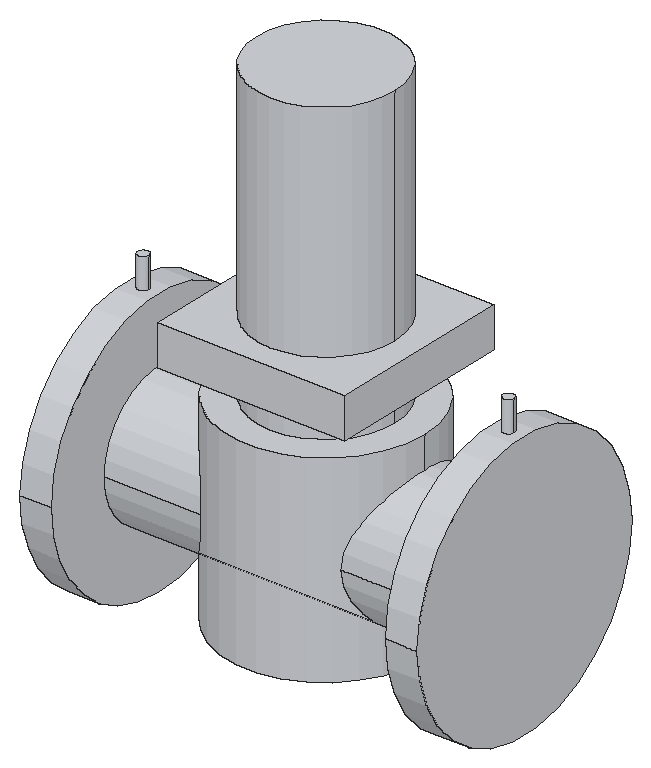
Revit family "PV_Compact_PN16_DN125_(90-350kPa)_RFA_2018", category Pipe Accessories, Revit 2018
Family settings
  Round Connector Dimension = Use Diameter
  Part Type = Valve - Breaks Into
  Work Plane-Based = No
  Always vertical = Yes
  Cut with Voids When Loaded = No
  Shared = No
Parameters (values of type "PV Compact PN16 DN125 (90-350kPa)")
  magiProductId = "b03890f2a0d24210acc7aed5971b3a"
  magiProductFamilyId = "702e6e0aa49e4742ba9b7167dc79b1"
  magiPartTypeId = 304
  isMeasuringValve [instance] = no
  ang2D [instance] = 0.00°
  W2D = 125 mm
  VersionID = "2.0/2018.12.13.2/FRESE_PV_COMPACT_BIG_Q13_001"
  Use Minimum Symbol Size [instance] = no
  URL = "www.hydronic.cz"
  Type Comments = "PŘÍRUBOVÝ; PN16; dpmax=1000kPa; -10~+120°C"
  R4 = 70 mm
  R3 = 70.2 mm
  R1 = 100 mm
  QmdConnectorList = "301;D;302;D"
  Productdata [instance] = ""
  Manufacturer = "Hydronic Systems Prague s.r.o."
  Maintenance Zone Under Depth [instance] = 100 mm
  Maintenance Zone Right Depth [instance] = 100 mm
  Maintenance Zone Over Depth [instance] = 100 mm
  Maintenance Zone Left Depth [instance] = 100 mm
  Maintenance Zone Front Depth [instance] = 100 mm
  Maintenance Zone Back Depth [instance] = 100 mm
  Maintenance Zone Front Visibility [instance] = no
  MC Use Limits From Balancing Method = no
  MC Throttling Minimum Value = 0
  MC Throttling Maximum Value = 0
  MC Product Code = "53-3313 DN125 PN16; nastavitelný rozsah dp=90~350kPa; Q=40,3~161 m3/h;  kvs=170"
  MC Pressure Drop Minimum Value = 0.0 Pa
  MC Pressure Drop Maximum Value = 0.0 Pa
  MC Piping Given Pressure Drop [instance] = 0.0 Pa
  LF__ve = -LF  # -32 mm
  LF2 = 16 mm
  LF = 32 mm
  L4 = 188 mm
  L3 = 336 mm
  L2D_Min = 30.48 mm
  L2D = 400 mm
  L2 = 200 mm
  H6 = 225.5 mm
  H4 = 40.5 mm
  H3 = 33.75 mm
  H2 = 101.25 mm
  H1 = 202.5 mm
  Description = "Nastavitelný regulátor tlakové diference"
  DF2 = 135 mm
  D = 125 mm
  Clearance Zone Height Depth [instance] = 100 mm
  Clearance Zone Circular Radius [instance] = 200 mm
  Clearance Zone Visibility [instance] = no
  CAT0 = yes
Types (3, lengths in mm): name | magiProductId | Type Comments | R4 | R3 | R1 | MC Product Code | LF__ve | LF2 | LF | L4 | L3 | L2 | H6 | H4 | H3 | H2 | H1 | DF2 | D | Clearance Zone Circular Radius
  PV Compact PN16 DN125 (90-350kPa) | "b03890f2a0d24210acc7aed5971b3a" | "PŘÍRUBOVÝ; PN16; dpmax=1000kPa; -10~+120°C" | 70 | 70.2 | 100 | "53-3313 DN125 PN16; nastavitelný rozsah dp=90~350kPa; Q=40,3~161 m3/h;  kvs=170" | -32 | 16 | 32 | 188 | 336 | 200 | 225.5 | 40.5 | 33.75 | 101.25 | 202.5 | 135 | 125 | 200
  PV Compact PN16 DN150 (90-350kPa) | "05be4e71780741e6bc35f05414b0ce" | "PŘÍRUBOVÝ; PN16; dpmax=1000kPa; -10~+120°C" | 84 | 74.1 | 120 | "53-3316 DN150 PN16; nastavitelný rozsah dp=90~350kPa; Q=59,3~237 m3/h;  kvs=250" | -38.4 | 19.2 | 38.4 | 225.6 | 403.2 | 240 | 256.25 | 42.75 | 35.625 | 106.875 | 213.75 | 142.5 | 150 | 240
  PV Compact PN16 DN200 (90-350kPa) | "d4da5ac8261147a98be9f2bfe38293" | "PŘÍRUBOVÝ; PN16; dpmax=1000kPa; -10~+110°C" | 105 | 98.8 | 150 | "53-3319 DN200 PN16; nastavitelný rozsah dp=90~350kPa; Q=65,2~261 m3/h;  kvs=275" | -48 | 24 | 48 | 282 | 504 | 300 | 150 | 57 | 47.5 | 142.5 | 285 | 190 | 200 | 300
Reference planes
  plane 1 "Center (Front/Back)": y = 0
  plane 2 "XYPLANE": z = 0
  plane 3 "Center (Left/Right)": x = 0
  plane 4 "257": y = -135
  plane 5 "256": y = 135
  plane 6 "255": z = -135
  plane 7 "254": y = -235
  plane 8 "253": y = 235
  plane 9 "252": x = -300
  plane 10 "251": x = 300
  plane 11 "250": z = 501
  plane 12 "249": z = -235
  plane 13 "248": z = 501
  plane 14 "247": z = 401
  plane 15 "157": x = 184
  plane 16 "156": x = -184
  plane 17 "155": z = 135
  plane 18 "154": z = 175.5
  plane 19 "153": z = 135
  plane 20 "152": z = 101.25
  plane 21 "151": x = -168
  plane 22 "150": z = -101.25
  plane 23 "149": x = 0
  plane 24 "148": y = 0
  plane 25 "147": z = 0
  plane 26 "146": x = -200
  plane 27 "145": x = 200
Forms (mm)
  Blend 1, solid, visible <- "Maintenance Zone Front Visibility"
    base sketch origin (-750, 0, -235) x (1, 0, 0) y (0, 1, 0)
      loop
        line (450, 235) -> (450, -235) -> (1050, -235) -> (1050, 235) -> (450, 235)
    top sketch origin (-750, 0, -235) x (1, 0, 0) y (0, 1, 0)
      loop
        line (450, 235) -> (450, -235) -> (1050, -235) -> (1050, 235) -> (450, 235)
    from 0 to 736
  Blend 2, solid, visible <- "Clearance Zone Visibility"
    base sketch origin (-750, 0, 0) x (1, 0, 0) y (0, 1, 0)
      loop
        circle (750, 0) r 200
    top sketch origin (-750, 0, 0) x (1, 0, 0) y (0, 1, 0)
      loop
        circle (750, 0) r 200
    from 0 to 501
  Extrusion 3, solid, visible <- "CAT0"
    sketch origin (-750, 0, 135) x (1, 0, 0) y (0, 1, 0)
      loop
        circle (934, 0) r 5.5
    from 0 to 30
  Extrusion 4, solid, visible <- "CAT0"
    sketch origin (-750, 0, 135) x (1, 0, 0) y (0, 1, 0)
      loop
        circle (566, 0) r 5.5
    from 0 to 30
  Extrusion 5, solid
    sketch origin (-750, 0, 175.5) x (1, 0, 0) y (0, 1, 0)
      loop
        circle (750, 0) r 70
    from 0 to 225.5 <- "H6"
  Extrusion 6, solid, visible <- "CAT0"
    sketch origin (-750, 0, 135) x (1, 0, 0) y (0, 1, 0)
      loop
        line (844, 94) -> (656, 94) -> (656, -94) -> (844, -94) -> (844, 94)
    from 0 to 40.5 <- "H4"
  Extrusion 7, solid, visible <- "CAT0"
    sketch origin (-750, 0, 101.25) x (1, 0, 0) y (0, 1, 0)
      loop
        circle (750, 0) r 70
    from 0 to 33.75 <- "H3"
  Extrusion 8, solid, visible <- "CAT0"
    sketch origin (-168, -750, 0) x (0, 1, 0) y (0, 0, 1)
      loop
        circle (750, 0) r 70.2
    from 0 to 336 <- "L3"
  Extrusion 9, solid, visible <- "CAT0"
    sketch origin (-750, 0, -101.25) x (1, 0, 0) y (0, 1, 0)
      loop
        circle (750, 0) r 100
    from 0 to 202.5 <- "H1"
  Extrusion 10, solid, visible <- "CAT0"
    sketch origin (-200, -750, 0) x (0, 1, 0) y (0, 0, 1)
      loop
        circle (750, 0) r 135
    from 0 to 32 <- "LF"
  Extrusion 11, solid, visible <- "CAT0"
    sketch origin (200, -750, 0) x (0, 1, 0) y (0, 0, 1)
      loop
        circle (750, 0) r 135
    from 0 to -32 <- "LF__ve"
  Extrusion 12, solid, not visible
    sketch origin (-200, -750, 0) x (0, 1, 0) y (0, 0, 1)
      loop
        circle (750, 0) r 10
    from 0 to 10
  Extrusion 13, solid, not visible
    sketch origin (200, -750, 0) x (0, 1, 0) y (0, 0, 1)
      loop
        circle (750, 0) r 10
    from 0 to -10
Lines and regions (mm)
  reference lines, not visible
    curve 1: circle (2, 2, 0) r 1 normal (0, 0, 1)
  reference lines
    curve 2: circle (0, 0, 135) r 1 normal (0, 0, 1)
Dimensions and locks
  plane 1 "Center (Front/Back)" to curve 1 = 2 mm
  "DF2": plane 24 "148" to plane 4 "257"
  "DF2": plane 24 "148" to plane 5 "256"
  "DF2": plane 25 "147" to plane 6 "255"
  "Maintenance Zone Front Depth": plane 4 "257" to plane 7 "254"
  "Maintenance Zone Back Depth": plane 5 "256" to plane 8 "253"
  "Maintenance Zone Left Depth": plane 26 "146" to plane 9 "252"
  "Maintenance Zone Right Depth": plane 27 "145" to plane 10 "251"
  "Maintenance Zone Over Depth": plane 14 "247" to plane 11 "250"
  "Maintenance Zone Under Depth": plane 6 "255" to plane 12 "249"
  "Clearance Zone Height Depth": plane 14 "247" to plane 13 "248"
  "H6": plane 18 "154" to plane 14 "247"
  "LF2": plane 27 "145" to plane 15 "157"
  "LF2": plane 26 "146" to plane 16 "156"
  "DF2": plane 2 "XYPLANE" to plane 17 "155"
  "H4": plane 19 "153" to plane 18 "154"
  "H3": plane 20 "152" to plane 19 "153"
  "H1": plane 22 "150" to plane 20 "152"
  "LF": plane 26 "146" to plane 21 "151"
  "H2": plane 2 "XYPLANE" to plane 22 "150"
  locked: plane 3 "Center (Left/Right)" to plane 23 "149"
  locked: plane 1 "Center (Front/Back)" to plane 24 "148"
  locked: plane 2 "XYPLANE" to plane 25 "147"
  "L2": plane 3 "Center (Left/Right)" to plane 26 "146"
  "L2": plane 3 "Center (Left/Right)" to plane 27 "145"
  Blend 1 sketch curve to Blend 1 sketch curve = 0 mm  (x16)
  equal spacing: Extrusion 6 sketch curve, curve 2, Extrusion 6 sketch curve  (x2)
  "L4": Extrusion 6 sketch curve to Extrusion 6 sketch curve  (x2)
  Extrusion 6 sketch curve to Extrusion 6 sketch curve = 0 mm  (x8)
  "Clearance Zone Circular Radius": radius of Blend 2 sketch curve  (x2)
  "R4": radius of Extrusion 5 sketch curve
  "R4": radius of Extrusion 7 sketch curve
  "R3": radius of Extrusion 8 sketch curve
  "R1": radius of Extrusion 9 sketch curve
  "DF2": radius of Extrusion 10 sketch curve
  "DF2": radius of Extrusion 11 sketch curve
  aligned and locked: level to plane 2 "XYPLANE"
  aligned and locked: Blend 1 sketch curve to plane 8 "253"  (x2)
  aligned and locked: plane 9 "252" to Blend 1 sketch curve  (x4)
  aligned and locked: plane 10 "251" to Blend 1 sketch curve  (x4)
  aligned and locked: plane 8 "253" to Blend 1 sketch curve  (x2)
  aligned and locked: plane 7 "254" to Blend 1 sketch curve  (x4)
  aligned and locked: plane 11 "250" to Blend 1
  aligned and locked: plane 23 "149" to Blend 2 sketch curve  (x2)
  aligned and locked: plane 24 "148" to Blend 2 sketch curve  (x2)
  aligned and locked: plane 13 "248" to Blend 2
  aligned and locked: plane 15 "157" to Extrusion 3 sketch curve
  aligned and locked: plane 24 "148" to Extrusion 3 sketch curve
  aligned and locked: plane 16 "156" to Extrusion 4 sketch curve
  aligned and locked: plane 24 "148" to Extrusion 4 sketch curve
  aligned and locked: plane 23 "149" to Extrusion 5 sketch curve
  aligned and locked: plane 24 "148" to Extrusion 5 sketch curve
  aligned and locked: plane 23 "149" to curve 2
  aligned and locked: plane 24 "148" to curve 2
  aligned and locked: plane 23 "149" to Extrusion 7 sketch curve
  aligned and locked: plane 24 "148" to Extrusion 7 sketch curve
  aligned and locked: Extrusion 8 sketch curve to plane 24 "148"
  aligned and locked: plane 25 "147" to Extrusion 8 sketch curve
  aligned and locked: plane 23 "149" to Extrusion 9 sketch curve
  aligned and locked: plane 24 "148" to Extrusion 9 sketch curve
  aligned and locked: Extrusion 10 sketch curve to plane 24 "148"
  aligned and locked: plane 25 "147" to Extrusion 10 sketch curve
  aligned and locked: Extrusion 11 sketch curve to plane 24 "148"
  aligned and locked: plane 25 "147" to Extrusion 11 sketch curve
  aligned and locked: Extrusion 12 sketch curve to plane 24 "148"
  aligned and locked: plane 25 "147" to Extrusion 12 sketch curve
  aligned and locked: Extrusion 13 sketch curve to plane 24 "148"
  aligned and locked: plane 25 "147" to Extrusion 13 sketch curve
Automatic sketch dimensions
  Extrusion 3 sketch curve to Extrusion 3 sketch curve = 5.5 mm
  Extrusion 4 sketch curve to Extrusion 4 sketch curve = 5.5 mm
  plane 1 "Center (Front/Back)" to Extrusion 12 sketch curve = 10 mm
  plane 1 "Center (Front/Back)" to Extrusion 13 sketch curve = 10 mm
  plane 3 "Center (Left/Right)" to curve 1 = 2 mm
  plane 21 "151" to Extrusion 6 sketch curve = 74 mm
  plane 4 "257" to Extrusion 6 sketch curve = 41 mm
  radius of curve 2 = 1 mm
  radius of curve 1 = 1 mm
Connectors
  piping at (-200, 0, 0), diameter 125, driven by "D"
    settings: on Extrusion 12, index 1, connector inside diameter 609.6 mm, connector length 0 mm, flow factor 0, pipe flow 0.0 L/s, pressure drop 0.0 Pa, fitting loss kfactor 0, connector angle 0.00°, fixture units 0, engagement length 0 mm, angle of deflection 0.00°, flow configuration 0, flow direction 0, fitting loss method 0, system type 29, joint type 0, gender type 0, connector reference index 2, connector utility 0, adjustable connector no, is connector primary yes, connector description ""
  piping at (200, 0, 0), diameter 125, driven by "D"
    settings: on Extrusion 13, index 2, connector inside diameter 609.6 mm, connector length 0 mm, flow factor 0, pipe flow 0.0 L/s, pressure drop 0.0 Pa, fitting loss kfactor 0, connector angle 0.00°, fixture units 0, engagement length 0 mm, angle of deflection 0.00°, flow configuration 0, flow direction 0, fitting loss method 0, system type 29, joint type 0, gender type 0, connector reference index 1, connector utility 0, adjustable connector no, is connector primary no, connector description ""
